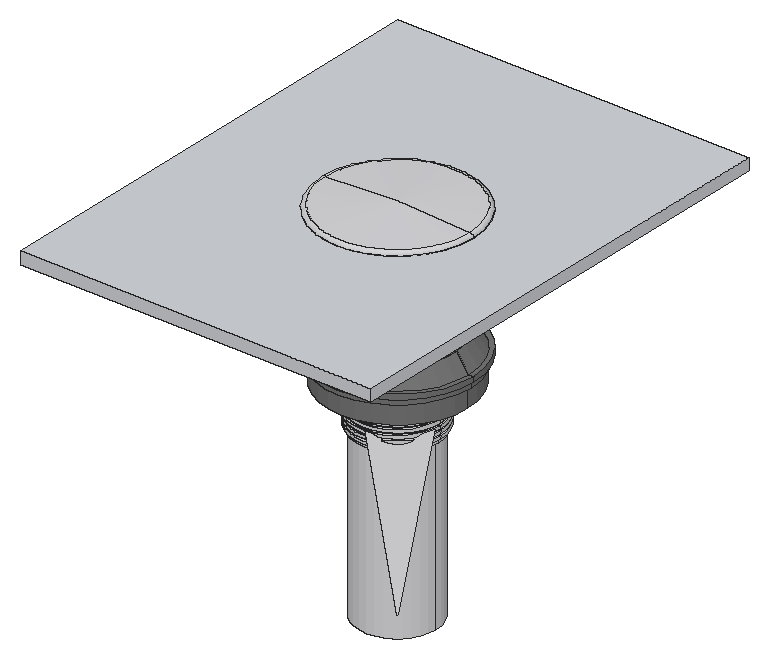
Revit family "01-3209-11 DESAGÜE PUSH CORTO CON REBOSE", category Aparatos sanitarios, Revit 2020
Family settings
  Cota de conector redondo = Diámetro de uso
  Tipo de pieza = Normal
  Número OmniClass = 23.45.00.00
  Título OmniClass = Sanitary, Laundry, and Cleaning Equipment
  Se basa en plano de trabajo = No
  Siempre vertical = Sí
  Corte con vacíos al cargar = No
  Compartido = No
  Punto de cálculo de habitación = No
Parameters
  Weight Net (Kg) = "6.60Kg"
  Plastico - ABS Cromado = Plastico - ABS Cromado
  Metal Laton Cromado = Metal Laton Cromado
  Default Elevation = 0.0 mm
  Waste Connection = no
  Vent Connection = no
  Type Comments = ""
  Nominal width = "370"
  Nominal height = "130"
  Model = ""
  Manufacturer = ""
  Keynote = ""
  HW Connection = no
  Cost = 0
  CW Connection = no
  Caucho = Caucho
Reference planes
  plane 1 "Center (Front/Back)": y = 0
  plane 2: z = 0
  plane 3 "Center (Left/Right)": x = 0
  plane 4 "11": x = -31.5
  plane 5: x = -16
  plane 6: x = 31.5
  plane 7 "13": y = 55
  plane 8 "14": y = -55
  plane 9 "mr": y = 48.658
  plane 10: x = 16
  plane 11 "16": z = -224
Forms (mm)
  Revolve 1, solid, material "Metal Laton Cromado" <- "Metal Laton Cromado"
    sketch origin (0.449, -0.057, -37.001) x (1, 0, 0) y (0, 0, 1)
      loop
        line (-17.98, 1.803) -> (-18.849, 1.803) -> (-18.849, 0.561) -> (-17.98, 0.561) -> (-17.98, -0.227) -> (-18.849, -0.227) -> (-18.849, -1.391) -> (-17.98, -1.391) -> (-17.98, -2.257) -> (-18.849, -2.257) -> (-18.849, -3.422) -> (-17.98, -3.422) -> (-17.98, -4.365) -> (-18.849, -4.365) -> (-18.849, -5.53) -> (-17.98, -5.53) -> (-17.98, -6.395) -> (-18.849, -6.395) -> (-18.849, -7.56) -> (-17.98, -7.56) -> (-17.98, -8.504) -> (-18.849, -8.504) -> (-18.849, -10.424) -> (-0.449, -10.424) -> (-0.449, 5.09) -> (-17.98, 5.09) -> (-17.98, 3.911) -> (-18.849, 3.911) -> (-18.849, 2.747) -> (-17.98, 2.747) -> (-17.98, 1.803)
      axis (-0.449, 5.09) -> (-0.449, -10.424)
    angle from 0 to 360
  Revolve 2, solid, material "Plastico - ABS Cromado" <- "Plastico - ABS Cromado"
    sketch origin (-0.032, -0.057, -107.117) x (1, 0, 0) y (0, 0, 1)
      loop
        line (-15.968, 30.117) -> (-15.968, -46.166) -> (-0.093, -46.166) -> (-0.093, 30.117) -> (-15.968, 30.117)
      axis (0.032, 30.117) -> (0.032, -46.166)
    angle from 0 to 360
  Revolve 3, solid, material "Metal Laton Cromado" <- "Metal Laton Cromado"
    sketch origin (0.003, 0, 12.646) x (1, 0, 0) y (0, 0, 1)
      loop
        line (31.452, -16.522) -> (31.452, -15.466)
        arc (31.452, -15.466) -> (30.833, -14.486) -> (29.738, -14.103) r 1.759
        arc (29.738, -14.103) -> (14.886, -13.01) -> (0, -12.596) r 326.242
        line (0, -12.596) -> (0, -16.522) -> (31.452, -16.522)
      axis (0, -16.522) -> (0, -12.596)
    angle from 0 to 360
  Revolve 4, solid, material "Caucho" <- "Caucho"
    sketch origin (0.003, 0, -15.365) x (1, 0, 0) y (0, 0, 1)
      loop
        line (-20.134, -51.315) -> (-20.134, -43.12) -> (-29.12, -43.12) -> (-29.12, -51.315) -> (-20.134, -51.315)
      axis (-0.003, -43.12) -> (-0.003, -51.315)
    angle from 0 to 360
  Revolve 5, solid, material "Caucho" <- "Caucho"
    sketch origin (0.003, 0, -22.24) x (1, 0, 0) y (0, 0, 1)
      loop
        line (-31.503, -31.839) -> (-31.503, -33.95) -> (-30.619, -33.95) -> (-30.619, -36.233) -> (-19.377, -36.233) -> (-19.377, -25.184) -> (-24.426, -25.184) -> (-29.462, -31.839) -> (-31.503, -31.839)
      axis (-0.003, -36.233) -> (-0.003, -25.184)
    angle from 0 to 360
  Revolve 6, solid, material "Metal Laton Cromado" <- "Metal Laton Cromado"
    sketch origin (0.449, -0.057, -88.101) x (1, 0, 0) y (0, 0, 1)
      loop
        line (-17.457, 9.059) -> (-18.326, 9.059) -> (-18.326, 7.972) -> (-17.457, 7.972) -> (-17.457, 7.185) -> (-18.326, 7.185) -> (-18.326, 6.02) -> (-17.457, 6.02) -> (-17.457, 4.463) -> (-0.446, 4.463) -> (-0.446, 21.421) -> (-18.326, 21.421) -> (-18.326, 20.257) -> (-17.457, 20.257) -> (-17.457, 19.313) -> (-18.326, 19.313) -> (-18.326, 18.226) -> (-17.457, 18.226) -> (-17.457, 17.439) -> (-18.326, 17.439) -> (-18.326, 16.171) -> (-17.457, 16.171) -> (-17.457, 15.384) -> (-18.326, 15.384) -> (-18.326, 14.297) -> (-17.457, 14.297) -> (-17.457, 13.354) -> (-18.326, 13.354) -> (-18.326, 12.189) -> (-17.457, 12.189) -> (-17.457, 11.167) -> (-18.326, 11.167) -> (-18.326, 10.003) -> (-17.457, 10.003) -> (-17.457, 9.059)
      axis (-0.446, 4.463) -> (-0.446, 21.421)
    angle from 0 to 360
  Revolve 7, solid, material "Metal Laton Cromado" <- "Metal Laton Cromado"
    sketch origin (0.003, 0, 28.514) x (1, 0, 0) y (0, 0, 1)
      loop
        line (-12.878, -60.425) -> (-12.878, -44.873) -> (-31.503, -44.873) -> (-31.503, -47.029)
        arc (-31.503, -47.029) -> (-26.848, -47.833) -> (-22.878, -50.394) r 11.842
        line (-22.878, -50.394) -> (-22.878, -60.425) -> (-12.878, -60.425)
      axis (0, -44.873) -> (0, -60.425)
    angle from 0 to 360
  Revolve 8, solid, material "Caucho" <- "Caucho"
    sketch origin (0, 0, 0) x (1, 0, 0) y (0, 0, 1)
      loop
        line (-11.589, -16.359) -> (-7.497, -16.359) -> (-7.497, -3.878) -> (-11.589, -3.878) -> (-11.589, -5.384) -> (-14.835, -5.384) -> (-18.262, -7.783) -> (-22.341, -7.783) -> (-22.341, -9.44) -> (-21.15, -10.631) -> (-13.464, -10.631) -> (-13.464, -12.58) -> (-11.589, -14.331) -> (-11.589, -16.359)
      axis (0, -16.359) -> (0, -3.878)
    angle from 0 to 360
  Extrusion 9, solid
    sketch origin (-103.73, -94.557, -7.783) x (-1, 0, 0) y (0, -1, 0)
      loop
        line (-171.316, -191.414) -> (-26.316, -191.414) -> (-26.316, 3.586) -> (-171.316, 3.586) -> (-171.316, -191.414)
    from 0 to 5
Dimensions and locks
  locked: plane 8 "14" to plane 7 "13" at 110
  plane 8 "14" to plane 1 "Center (Front/Back)" = 55.0 mm
  plane 3 "Center (Left/Right)" to plane 5 = 16.0 mm  (x2)
  plane 10 to plane 3 "Center (Left/Right)" = 16.0 mm
  plane 10 to plane 5 = 32.0 mm  (x2)
  equal spacing: plane 10, plane 3 "Center (Left/Right)", plane 5  (x2)
  plane 4 "11" to plane 6 = 63.0 mm
  plane 6 to plane 4 "11" = 63.0 mm  (x2)
  plane 11 "16" to level = 224.0 mm
  equal spacing: plane 6, plane 3 "Center (Left/Right)", plane 4 "11"
  level to plane 11 "16" = 224.0 mm  (x2)
  Revolve 2 sketch curve to Revolve 2 sketch curve = 15.875 mm
  plane 6 to plane 3 "Center (Left/Right)" = 31.5 mm
  aligned and locked: level to plane 2
Automatic sketch dimensions
  plane 11 "16" to Revolve 2 sketch curve = 70.717 mm
  Revolve 2 sketch curve to plane 5 = 0.0 mm
  Revolve 2 sketch curve to level = 77.0 mm
  plane 3 "Center (Left/Right)" to Revolve 2 sketch curve = 0.0 mm
  Revolve 2 sketch curve to Revolve 2 sketch curve = 45.035 mm
  Revolve 2 sketch curve to Revolve 2 sketch curve = 2.833 mm
  Revolve 4 sketch curve to plane 3 "Center (Left/Right)" = 0.0 mm
  Revolve 4 sketch curve to plane 5 = 4.131 mm
  plane 4 "11" to Revolve 4 sketch curve = 2.383 mm
  Revolve 4 sketch curve to level = 66.68 mm
  Revolve 4 sketch curve to Revolve 4 sketch curve = 8.196 mm
  Revolve 4 sketch curve to Revolve 4 sketch curve = 9.332 mm
  Revolve 4 sketch curve to Revolve 4 sketch curve = 6.705 mm
  plane 4 "11" to Revolve 6 sketch curve = 13.623 mm  (x2)
  Revolve 6 sketch curve to Revolve 6 sketch curve = 0.0 mm  (x6)
  Revolve 6 sketch curve to Revolve 6 sketch curve = 0.869 mm  (x8)
  plane 3 "Center (Left/Right)" to Revolve 6 sketch curve = 0.003 mm  (x2)
  Revolve 6 sketch curve to level = 83.638 mm
  Revolve 6 sketch curve to Revolve 6 sketch curve = 1.557 mm
  Revolve 6 sketch curve to Revolve 6 sketch curve = 1.165 mm  (x4)
  Revolve 6 sketch curve to Revolve 6 sketch curve = 0.788 mm  (x3)
  Revolve 6 sketch curve to Revolve 6 sketch curve = 1.086 mm  (x3)
  Revolve 6 sketch curve to Revolve 6 sketch curve = 0.944 mm  (x3)
  Revolve 6 sketch curve to Revolve 6 sketch curve = 1.022 mm
  Revolve 6 sketch curve to Revolve 6 sketch curve = 1.268 mm
  Revolve 6 sketch curve to Revolve 6 sketch curve = 11.918 mm
  Revolve 6 sketch curve to Revolve 6 sketch curve = 7.859 mm
  Revolve 5 sketch curve to plane 4 "11" = 0.0 mm
  Revolve 5 sketch curve to plane 3 "Center (Left/Right)" = 0.0 mm
  plane 4 "11" to Revolve 5 sketch curve = 0.884 mm
  plane 4 "11" to Revolve 5 sketch curve = 2.041 mm
  plane 4 "11" to Revolve 5 sketch curve = 7.077 mm
  Revolve 5 sketch curve to plane 5 = 3.374 mm
  Revolve 5 sketch curve to level = 58.473 mm
  Revolve 5 sketch curve to Revolve 5 sketch curve = 2.283 mm
  Revolve 5 sketch curve to Revolve 5 sketch curve = 11.049 mm
  Revolve 5 sketch curve to Revolve 5 sketch curve = 4.903 mm
  Revolve 5 sketch curve to Revolve 5 sketch curve = 4.286 mm
  Revolve 5 sketch curve to Revolve 5 sketch curve = 2.111 mm
  Revolve 1 sketch curve to plane 3 "Center (Left/Right)" = 0.0 mm  (x2)
  Revolve 1 sketch curve to plane 5 = 1.531 mm  (x2)
  Revolve 1 sketch curve to Revolve 1 sketch curve = 0.0 mm  (x8)
  Revolve 1 sketch curve to Revolve 1 sketch curve = 0.869 mm  (x4)
  Revolve 1 sketch curve to level = 47.425 mm
  Revolve 1 sketch curve to Revolve 1 sketch curve = 1.92 mm
  Revolve 1 sketch curve to Revolve 1 sketch curve = 0.944 mm  (x3)
  Revolve 1 sketch curve to Revolve 1 sketch curve = 1.165 mm  (x5)
  Revolve 1 sketch curve to Revolve 1 sketch curve = 0.866 mm  (x2)
  Revolve 1 sketch curve to Revolve 1 sketch curve = 0.788 mm
  Revolve 1 sketch curve to Revolve 1 sketch curve = 1.243 mm
  Revolve 1 sketch curve to Revolve 1 sketch curve = 1.178 mm
  Revolve 1 sketch curve to Revolve 1 sketch curve = 1.215 mm
  Revolve 1 sketch curve to Revolve 1 sketch curve = 1.727 mm
  Revolve 7 sketch curve to plane 4 "11" = 0.0 mm
  plane 4 "11" to Revolve 7 sketch curve = 0.351 mm
  Revolve 7 sketch curve to plane 5 = 6.875 mm
  plane 5 to Revolve 7 sketch curve = 3.125 mm
  Revolve 7 sketch curve to level = 31.911 mm
  Revolve 7 sketch curve to Revolve 7 sketch curve = 1.56 mm
  Revolve 7 sketch curve to Revolve 7 sketch curve = 10.032 mm
  Revolve 7 sketch curve to Revolve 7 sketch curve = 5.521 mm
  plane 3 "Center (Left/Right)" to Revolve 7 sketch curve = 0.003 mm
  Revolve 7 sketch curve to Revolve 7 sketch curve = 6.704 mm
  Revolve 7 sketch curve to Revolve 7 sketch curve = 5.724 mm
  Revolve 8 sketch curve to plane 3 "Center (Left/Right)" = 0.0 mm
  Revolve 8 sketch curve to level = 3.878 mm
  Revolve 8 sketch curve to plane 3 "Center (Left/Right)" = 7.497 mm
  Revolve 8 sketch curve to Revolve 8 sketch curve = 4.092 mm  (x2)
  plane 5 to Revolve 8 sketch curve = 2.536 mm
  plane 5 to Revolve 8 sketch curve = 1.165 mm
  Revolve 8 sketch curve to plane 5 = 2.262 mm
  Revolve 8 sketch curve to Revolve 8 sketch curve = 2.889 mm
  Revolve 8 sketch curve to Revolve 8 sketch curve = 1.191 mm  (x2)
  Revolve 8 sketch curve to Revolve 8 sketch curve = 1.506 mm
  Revolve 8 sketch curve to Revolve 8 sketch curve = 2.399 mm
  Revolve 8 sketch curve to Revolve 8 sketch curve = 1.657 mm
  Revolve 8 sketch curve to Revolve 8 sketch curve = 1.949 mm
  Revolve 8 sketch curve to Revolve 8 sketch curve = 1.75 mm
  Revolve 8 sketch curve to Revolve 8 sketch curve = 2.028 mm
  Revolve 8 sketch curve to Revolve 8 sketch curve = 3.56 mm
  Revolve 8 sketch curve to level = 0.612 mm
  Revolve 3 sketch curve to plane 3 "Center (Left/Right)" = 1.627 mm
  plane 3 "Center (Left/Right)" to Revolve 3 sketch curve = 0.003 mm  (x2)
  Revolve 3 sketch curve to plane 6 = 1.759 mm
  Revolve 3 sketch curve to plane 6 = 0.045 mm
  Revolve 3 sketch curve to plane 11 "16" = 102.187 mm
  Revolve 3 sketch curve to level = 3.876 mm
  Revolve 3 sketch curve to Revolve 3 sketch curve = 0.66 mm
  level to Revolve 3 sketch curve = 0.05 mm
  Revolve 3 sketch curve to Revolve 3 sketch curve = 0.209 mm
  Revolve 3 sketch curve to Revolve 3 sketch curve = 5.472 mm
  plane 6 to Extrusion 9 sketch curve = 36.085 mm
  Extrusion 9 sketch curve to plane 4 "11" = 45.915 mm
  Extrusion 9 sketch curve to plane 7 "13" = 41.857 mm
  plane 8 "14" to Extrusion 9 sketch curve = 43.143 mm
